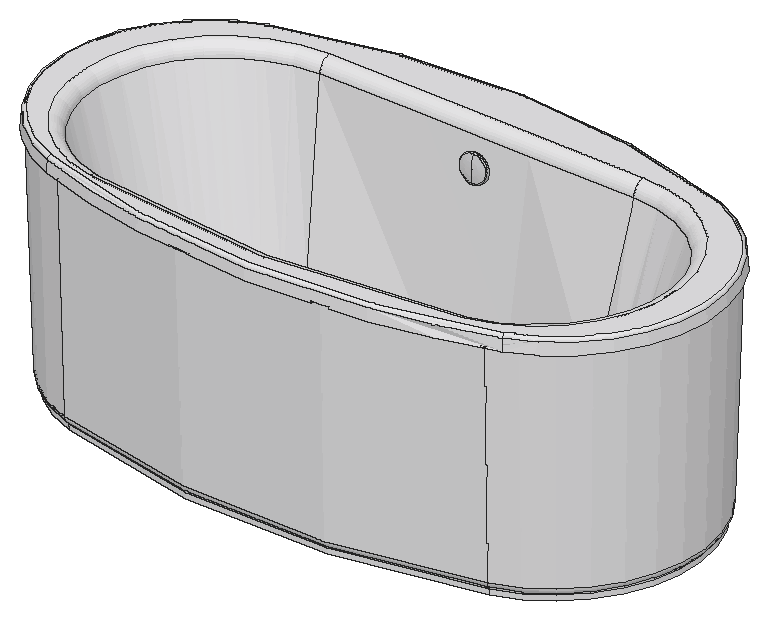
Revit family "Bath-Freestanding-VibrAcoustic-Heated_Surface-KOHLER-Sunstruck-K-1966", category Plumbing Fixtures, host Face, Revit 2015
Parameters (values of type "0-White")
  Width = 35 1/2"  # constant formula
  Waste Water Outlet = "Waste Water Outlet"  # constant formula
  Waste Connection = 1 = 1  # yes
  Voltage = 120 V  # constant formula
  Vent Connection = 1 = 0  # no
  URL = "https://www.us.kohler.com/us/"
  Type = 1
  Pump Electrical Connector = "Pump Electrical Connector"  # constant formula
  Product Page URL = "http://www.us.kohler.com/us/catalog/productDetails.jsp?productNumber=1966-VBW"
  Product Name = "Sunstruck"  # constant formula
  Product Documentation Link = "http://www.us.kohler.com/onlinecatalog/pdf/K-1966-VBW_spec.pdf"
  Model = if(Type = 1, "K-1966-VBW-0", if(Type = 2, "K-1966-VBW-96", "NA"))  # "K-1966-VBW-0"
  Material = "Acrylic"  # constant formula
  MasterFormat 2004 = "22.41.19"  # constant formula
  MasterFormat 1995 = "15410"  # constant formula
  Manufacturer Address = "444 Highland Dr, Kohler, WI 53044"  # constant formula
  Manufacturer = "KOHLER Co."  # constant formula
  Length = 65 1/2"  # constant formula
  Hot Water Inlet = "Hot Water Inlet"  # constant formula
  Height = 24 1/2"  # constant formula
  Heater Electrical Connector = "Heater Electrical Connector"  # constant formula
  HW Connection = 1 = 0  # no
  Finish = Kohler-Acrylic-0-White
  Environmental Product Declaration = ""
  Electrical Note = "One dedicated circuit required, protected with Class A Ground-Fault Circuit-Interrupter (GFCI) or Residual Current Device (RCD)"  # constant formula
  Electrical Connector = 1 = 1  # yes
  Drain Included = 1 = 0  # no
  Description = "66inch x 36inch oval freestanding VibrAcoustic bath with Bask heated surface and straight shroud"  # constant formula
  Default Elevation = 0"
  Declare Label = ""
  Date Modified = "11/15/2018"  # constant formula
  Date Created = "11/15/2018"  # constant formula
  Copyright = "Copyright KOHLER Co."  # constant formula
  Contact Us = "https://www.us.kohler.com/us/static/contact.jsp"
  Cold Water Inlet = "Cold Water Inlet"  # constant formula
  CW Connection = 1 = 0  # no
  Blower Electrical Connector = "Blower Electrical Connector"  # constant formula
  Assembly Code = "D2010500"
  Apparent Load = 1800 VA  # constant formula
  Amplifier Electrical Connector = "Amplifier Electrical Connector"  # constant formula
  ADA Compliant = 1 = 0  # no
Types (3): name | Type | Model | Finish
  (no name) | 1 | "K-1966-VBW-0" | Kohler-Acrylic-0-White
  0-White | 1 | "K-1966-VBW-0" | Kohler-Acrylic-0-White
  96-Biscuit | 2 | "K-1966-VBW-96" | Kohler-Acrylic-96-Biscuit
Reference planes (in)
  plane 1 "Center (Front/Back)": y = 0
  plane 2: z = 0
  plane 3 "Center (Left/Right)": x = 0
  plane 4: y = 17.75
  plane 5: y = -17.75
  plane 6: x = -32.75
  plane 7: x = 32.75
  plane 8: y = 11.6875
  plane 9: y = -1.6875
  plane 10: z = 24.5
Dimensions and locks (in)
  "Length": plane 6 to plane 7
  "Width": plane 5 to plane 4
  plane 8 to plane 4 = 6 1/16"
  plane 9 to plane 4 = 19 7/16"
  "Height": plane 10 to plane 2
  aligned and locked: plane 2 to host face
  aligned and locked: level to host face
Automatic sketch dimensions
  host sketch curve to host sketch curve = 96"  (x2)
Nested families (in)
  nested 1: "K-1966-VBW" at (0, 0, 0), type "K-1966-VBW"
Connectors (in)
  piping at (0, -1.6875, 2.16901), diameter 1.5, driven by "Waste Connection", driven by "Waste Water Outlet"
    settings: on nested 1, index 1, connector inside diameter 24", connector length 0", flow factor 0, pipe flow 0 GPM, pressure drop 0.00 psi, fitting loss kfactor 0, connector angle 0.00°, fixture units 0, engagement length 0", angle of deflection 0.00°, flow configuration 0, flow direction 2, fitting loss method 0, system type 16, joint type 0, gender type 0, connector reference index -1, connector utility 1, adjustable connector no, is connector primary yes, connector description "Waste Water Outlet"
  electrical at (-6.48092, 15.841, 3.14819), driven by "Voltage", driven by "Apparent Load", driven by "Electrical Connector", driven by "Amplifier Electrical Connector"
    settings: on nested 1, index 2, voltage 120 V, apparent load 1800 VA, apparent load phase1 0 VA, apparent load phase2 0 VA, apparent load phase3 0 VA, power factor 1, load classification "Power", number of poles 1, system type 30, power factor state 1, is connector primary yes, connector utility yes, sub classification motor no, connector description "Amplifier Electrical Connector"
Definition of nested family "K-1966-VBW"
  Parameters (values of type "K-1966-VB")
    Material = none
    Drain material = none
  Reference planes (in)
    plane 1 "Center (Front/Back)": y = 0
    plane 2: z = 0
    plane 3 "Center (Left/Right)": x = 0
    plane 4: x = 32.75
    plane 5: z = 24.5
    plane 6: z = 24.5
    plane 7 "A": x = -6.48092
    plane 8: z = 24.5
    plane 9: x = -32.75
    plane 10: y = 17.75
    plane 11: y = -17.75
    plane 12: y = 11.6875
    plane 13: y = -1.6875
  Forms (in)
    Sweep 1, solid, material <- "Material", detail levels medium+fine
      path origin (0, -0.04277, 0) x (1, 0, 0) y (0, 1, 0)
        loop
          arc (21.72661, -14.69696) -> (32.60257, 0.04277) -> (21.72661, 14.78251) r 15.42605
          arc (21.72661, 14.78251) -> (-0.02801, 18.06389) -> (-21.78263, 14.78251) r 73.75415
          arc (-21.78263, 14.78251) -> (-32.6586, 0.04277) -> (-21.78263, -14.69696) r 15.42605
          arc (-21.78263, -14.69696) -> (-0.02801, -17.97834) -> (21.72661, -14.69696) r 73.75415
      profile origin (-0.02801, -18.02111, 0) x (0, -1, 0) y (0, 0, 1)
        loop
          line (-0.4345, 23.13802) -> (-1.20737, 23.13802) -> (-1.59517, 17.59228)
          arc (-1.59517, 17.59228) -> (-1.91029, 11.57945) -> (-2.01537, 5.55929) r 172.5
          line (-2.01537, 5.55929) -> (-2.01537, 0) -> (-1.54796, 0) -> (-1.52866, 0.55268)
          arc (-1.52866, 0.55268) -> (-1.50012, 0.65852) -> (-1.4278, 0.74089) r 0.24194
          arc (-1.4278, 0.74089) -> (-1.20847, 0.99117) -> (-1.12264, 1.31269) r 0.73186
          line (-1.12264, 1.31269) -> (-0.4345, 23.13802)
    Sweep 2, solid, material <- "Material", detail levels medium+fine
      path origin (0, -0.31152, 0) x (1, 0, 0) y (0, 1, 0)
        loop
          arc (-23.11404, -13.59407) -> (0, -17.43849) -> (23.11404, -13.59407) r 71.40724
          arc (23.11404, -13.59407) -> (32.75, 0.31152) -> (23.11404, 14.21712) r 14.85153
          arc (23.11404, 14.21712) -> (0, 18.06154) -> (-23.11404, 14.21712) r 71.40724
          arc (-23.11404, 14.21712) -> (-32.75, 0.31152) -> (-23.11404, -13.59407) r 14.85153
      profile origin (0, -17.75002, 0) x (0, 1, 0) y (0, 0, 1)
        loop
          line (0.00002, 23.01054) -> (0.11383, 23.01054) -> (0.2108, 24.11893)
          arc (0.2108, 24.11893) -> (0.29095, 24.28146) -> (0.45985, 24.34714) r 0.25
          line (0.45985, 24.34714) -> (0.61532, 24.34714) -> (0.61532, 24.5) -> (0.45098, 24.5)
          arc (0.45098, 24.5) -> (0.21457, 24.40807) -> (0.10238, 24.18057) r 0.34993
          line (0.10238, 24.18057) -> (0.00002, 23.01054)
    Sweep 3, solid, material <- "Material", detail levels medium+fine
      path origin (-0.65125, 0.37045, 0) x (1, 0, 0) y (0, 1, 0)
        loop
          arc (-13.80583, -12.20259) -> (0.30466, -13.64071) -> (14.40809, -12.13485) r 68.33389
          arc (14.40809, -12.13485) -> (22.61849, -2.05633) -> (14.545, 8.13219) r 10.37734
          arc (14.545, 8.13219) -> (0.24308, 9.71884) -> (-14.04948, 8.05002) r 63.60432
          arc (-14.04948, 8.05002) -> (-22.05987, -2.17412) -> (-13.80583, -12.20259) r 10.37154
      profile origin (-0.34659, -13.27026, 0) x (-0.002401, 0.999997, 0) y (0, 0, 1)
        loop
          line (-0.24, 6.51001) -> (-0.57074, 6.51001)
          arc (-0.57074, 6.51001) -> (0.5314, 4.46811) -> (2.71442, 3.68166) r 3.25
          line (2.71442, 3.68166) -> (3.01867, 3.68166) -> (3.01867, 4.03096) -> (2.71442, 4.03096)
          arc (2.71442, 4.03096) -> (0.78606, 4.73282) -> (-0.24, 6.51001) r 3
    Revolve 4, solid, material <- "Drain material", detail levels medium+fine
      sketch origin (0, -1.53027, -0.00106) x (0, 1, 0) y (0, 0, 1)
        loop
          line (13.43649, 20.42625) -> (12.55971, 20.48756)
          arc (12.55971, 20.48756) -> (12.54804, 19.82068) -> (12.6107, 19.15665) r 5.98011
          arc (12.6107, 19.15665) -> (12.6367, 19.1057) -> (12.68808, 19.08057) r 0.09037
          line (12.68808, 19.08057) -> (13.2483, 19.00565) -> (13.25711, 19.11625)
          arc (13.25711, 19.11625) -> (13.26951, 19.14061) -> (13.2958, 19.14811) r 0.03422
          line (13.2958, 19.14811) -> (13.34664, 19.14131) -> (13.43649, 20.42625)
        axis (12.55971, 20.48756) -> (13.43649, 20.42625)
      angle from 0 to 360
    Revolve 5, solid, material <- "Material", detail levels medium+fine
      sketch origin (0, 0, 0.0625) x (0, 1, 0) y (0, 0, 1)
        loop
          line (-1.6875, 3.61916) -> (-1.6875, 2.10651) -> (-0.9375, 2.10651) -> (-0.9375, 1.93586) -> (-0.74206, 1.93586) -> (-0.74206, 3.18586) -> (-0.38189, 3.18586)
          arc (-0.38189, 3.18586) -> (-0.21323, 3.2194) -> (-0.07025, 3.31494) r 0.44072
          line (-0.07025, 3.31494) -> (0.15621, 3.5414)
          arc (0.15621, 3.5414) -> (0.24033, 3.59812) -> (0.33958, 3.61916) r 0.2656
          line (0.33958, 3.61916) -> (-1.6875, 3.61916)
        axis (-1.6875, 3.61916) -> (-1.6875, 1.93586)
      angle from 0 to 360
    Sweep 6, solid, material <- "Material", detail levels medium+fine
      path origin (0, 0, 0) x (1, 0, 0) y (0, 1, 0)
        loop
          arc (-15.91994, 11.6875) -> (-28.29768, 0.47984) -> (-18.37017, -12.94642) r 12.43882
          arc (-18.37017, -12.94642) -> (0.12996, -14.68833) -> (18.58936, -12.55759) r 89.15619
          arc (18.58936, -12.55759) -> (28.11574, 0.76078) -> (15.91994, 11.6875) r 12.2695
          line (15.91994, 11.6875) -> (-15.91994, 11.6875)
      profile origin (0, 11.6875, 0) x (0, 1, 0) y (0, 0, 1)
        loop
          line (0.003, 23.24357) -> (0.33352, 23.24357)
          arc (0.33352, 23.24357) -> (0.68246, 24.02627) -> (1.47708, 24.34717) r 1.14428
          line (1.47708, 24.34717) -> (1.56336, 24.34717) -> (1.56336, 24.5) -> (1.27278, 24.5)
          arc (1.27278, 24.5) -> (0.37961, 24.1328) -> (0.003, 23.24357) r 1.26985
    Revolve 7, solid, material <- "Drain material", detail levels medium+fine
      sketch origin (0, 0, 0) x (0, 1, 0) y (0, 0, 1)
        loop
          line (-1.6875, 4.26235) -> (-1.6875, 3.6439) -> (-0.32353, 3.6439) -> (0.12658, 4.04918)
          arc (0.12658, 4.04918) -> (0.13712, 4.09307) -> (0.09992, 4.11864) r 0.03984
          line (0.09992, 4.11864) -> (-0.12079, 4.11864)
          arc (-0.12079, 4.11864) -> (-0.18453, 4.10596) -> (-0.23856, 4.06985) r 0.16655
          line (-0.23856, 4.06985) -> (-0.33993, 3.96848)
          arc (-0.33993, 3.96848) -> (-0.39533, 3.93146) -> (-0.46069, 3.91846) r 0.17077
          line (-0.46069, 3.91846) -> (-1.13844, 3.91846) -> (-1.13844, 4.0675) -> (-0.34006, 4.0675)
          arc (-0.34006, 4.0675) -> (-0.31733, 4.07691) -> (-0.30792, 4.09963) r 0.03214
          line (-0.30792, 4.09963) -> (-0.30792, 4.14469)
          arc (-0.30792, 4.14469) -> (-0.31537, 4.16436) -> (-0.33397, 4.17416) r 0.02969
          arc (-0.33397, 4.17416) -> (-1.00946, 4.23785) -> (-1.6875, 4.26235) r 11.72048
        axis (-1.6875, 4.26235) -> (-1.6875, 3.6439)
      angle from 0 to 360
    Extrusion 8, solid, material <- "Material", detail levels medium+fine
      sketch origin (0, 0, 0) x (1, 0, 0) y (0, 1, 0)
        loop
          arc (-22.9063, 13.32634) -> (-32.13468, 0) -> (-22.9063, -13.32634) r 14.23621
          arc (-22.9063, -13.32634) -> (0, -17.1347) -> (22.9063, -13.32634) r 70.79193
          arc (22.9063, -13.32634) -> (32.13468, 0) -> (22.9063, 13.32634) r 14.23621
          arc (22.9063, 13.32634) -> (0, 17.1347) -> (-22.9063, 13.32634) r 70.79193
        loop
          line (15.91994, 13.25086) -> (-15.91994, 13.25086)
          arc (-15.91994, 13.25086) -> (-29.85336, 0.63458) -> (-18.67813, -14.47915) r 14.00218
          arc (-18.67813, -14.47915) -> (0.14641, -16.2516) -> (18.9295, -14.0835) r 90.71954
          arc (18.9295, -14.0835) -> (29.66971, 0.93187) -> (15.91994, 13.25086) r 13.83286
      from 24.34714 to 24.5
    Blend 9, solid, material <- "Material", detail levels medium+fine
      base sketch origin (0, 0, 0) x (1, 0, 0) y (0, 1, 0)
        loop
          arc (-14.57357, -12.39087) -> (-0.34522, -13.841) -> (13.876, -12.32256) r 68.90463
          arc (13.876, -12.32256) -> (22.53797, -1.68973) -> (14.02044, 9.05914) r 10.94807
          arc (14.02044, 9.05914) -> (-0.40981, 10.66002) -> (-14.83062, 8.97623) r 64.17506
          arc (-14.83062, 8.97623) -> (-23.28182, -1.81054) -> (-14.57357, -12.39087) r 10.94228
      top sketch origin (0, 0, 0) x (1, 0, 0) y (0, 1, 0)
        loop
          arc (18.66192, -12.88312) -> (28.44726, 0.79728) -> (15.91994, 12.02102) r 12.60302
          line (15.91994, 12.02102) -> (-15.91994, 12.02102)
          arc (-15.91994, 12.02102) -> (-28.62956, 0.51285) -> (-18.43587, -13.27341) r 12.77234
          arc (-18.43587, -13.27341) -> (0.13347, -15.02183) -> (18.66192, -12.88312) r 89.48971
      from 6.51001 to 23.24357
    Blend 10, void
      base sketch origin (0, 0, 0) x (1, 0, 0) y (0, 1, 0)
        loop
          arc (13.80695, -11.99911) -> (22.20724, -1.6875) -> (13.94702, 8.73666) r 10.61734
          arc (13.94702, 8.73666) -> (-0.40886, 10.32929) -> (-14.75535, 8.65417) r 63.84432
          arc (-14.75535, 8.65417) -> (-22.9511, -1.80656) -> (-14.50607, -12.06709) r 10.61154
          arc (-14.50607, -12.06709) -> (-0.34601, -13.51026) -> (13.80695, -11.99911) r 68.5739
      top sketch origin (0, 0, 0) x (1, 0, 0) y (0, 1, 0)
        loop
          arc (-15.91994, 11.6905) -> (-28.30066, 0.48014) -> (-18.37077, -12.94936) r 12.44182
          arc (-18.37077, -12.94936) -> (0.13, -14.69133) -> (18.59001, -12.56052) r 89.15918
          arc (18.59001, -12.56052) -> (28.11872, 0.7611) -> (15.91994, 11.6905) r 12.2725
          line (15.91994, 11.6905) -> (-15.91994, 11.6905)
      from 6.51001 to 23.24357
    Extrusion 11, solid, material <- "Material", detail levels medium+fine
      sketch origin (0, 0, 0) x (1, 0, 0) y (0, 1, 0)
        loop
          arc (-14.01373, 5.48102) -> (-19.69267, -1.76736) -> (-13.841, -8.87701) r 7.35287
          arc (-13.841, -8.87701) -> (-0.35384, -10.2516) -> (13.12657, -8.81227) r 65.31523
          arc (13.12657, -8.81227) -> (18.94865, -1.66549) -> (13.22365, 5.55929) r 7.35867
          arc (13.22365, 5.55929) -> (-0.3995, 7.07063) -> (-14.01373, 5.48102) r 60.58565
      from 3.68166 to 4.03096
    Revolve 12, void
      sketch origin (0, 0, 0) x (0, 1, 0) y (0, 0, 1)
        loop
          line (-1.6875, 3.59695) -> (-0.38073, 3.59695)
          arc (-0.38073, 3.59695) -> (-0.30882, 3.61126) -> (-0.24785, 3.65199) r 0.18792
          line (-0.24785, 3.65199) -> (-0.0398, 3.86005)
          arc (-0.0398, 3.86005) -> (0.14951, 3.98654) -> (0.37281, 4.03096) r 0.58351
          line (0.37281, 4.03096) -> (-1.6875, 4.03096) -> (-1.6875, 3.59695)
        axis (-1.6875, 3.59695) -> (-1.6875, 4.03096)
      angle from 0 to 360
    Extrusion 13, solid, material <- "Material", detail levels medium+fine
      sketch origin (0, 0, 0) x (1, 0, 0) y (0, 1, 0)
        loop
          arc (21.13215, -12.81403) -> (30.5872, 0) -> (21.13215, 12.81403) r 13.41068
          arc (21.13215, 12.81403) -> (-0.02801, 16.00574) -> (-21.18818, 12.81403) r 71.73878
          arc (-21.18818, 12.81403) -> (-30.64323, 0) -> (-21.18818, -12.81403) r 13.41068
          arc (-21.18818, -12.81403) -> (-0.02801, -16.00574) -> (21.13215, -12.81403) r 71.73878
        loop
          line (1.90491, -4.0135) -> (1.90491, 8.1815) -> (3.58491, 9.8615) -> (8.15491, 9.8615)
          arc (8.15491, 9.8615) -> (10.02991, 11.7365) -> (8.15491, 13.6115) r 1.875
          line (8.15491, 13.6115) -> (1.90491, 13.6115) -> (1.90491, 13.89278)
          arc (1.90491, 13.89278) -> (0, 15.7977) -> (-1.90491, 13.89278) r 1.90491
          line (-1.90491, 13.89278) -> (-1.90491, 13.6115) -> (-8.15491, 13.6115)
          arc (-8.15491, 13.6115) -> (-10.02991, 11.7365) -> (-8.15491, 9.8615) r 1.875
          line (-8.15491, 9.8615) -> (-3.58491, 9.8615) -> (-1.90491, 8.1815) -> (-1.90491, -4.0135)
          arc (-1.90491, -4.0135) -> (0, -5.91841) -> (1.90491, -4.0135) r 1.90491
      from 0 to 0.2482
    Extrusion 14, solid, material <- "Material", detail levels medium+fine
      sketch origin (0, 0, 0) x (1, 0, 0) y (0, 0, 1)
        loop
          circle (-6.48092, 3.14819) r 0.25
      from -15.841 to -15.62255
    Extrusion 15, solid, material <- "Material", detail levels coarse
      sketch origin (0, 0, 0) x (1, 0, 0) y (0, 1, 0)
        loop
          arc (23.11404, 13.9056) -> (0, 17.75002) -> (-23.11404, 13.9056) r 71.40724
          arc (-23.11404, 13.9056) -> (-32.75, 0) -> (-23.11404, -13.9056) r 14.85153
          arc (-23.11404, -13.9056) -> (0, -17.75002) -> (23.11404, -13.9056) r 71.40724
          arc (23.11404, -13.9056) -> (32.75, 0) -> (23.11404, 13.9056) r 14.85153
      from 0 to 24.5
    Blend 16, void
      base sketch origin (0, 0, 0) x (1, 0, 0) y (0, 1, 0)
        loop
          arc (-14.50607, -12.06709) -> (-0.34601, -13.51026) -> (13.80695, -11.99911) r 68.5739
          arc (13.80695, -11.99911) -> (22.20724, -1.6875) -> (13.94702, 8.73666) r 10.61734
          arc (13.94702, 8.73666) -> (-0.40886, 10.32929) -> (-14.75535, 8.65417) r 63.84432
          arc (-14.75535, 8.65417) -> (-22.9511, -1.80656) -> (-14.50607, -12.06709) r 10.61154
      top sketch origin (0, 0, 0) x (1, 0, 0) y (0, 1, 0)
        loop
          arc (-18.37077, -12.94936) -> (0.13, -14.69133) -> (18.59001, -12.56052) r 89.15918
          arc (18.59001, -12.56052) -> (28.11872, 0.7611) -> (15.91994, 11.6905) r 12.2725
          line (15.91994, 11.6905) -> (-15.91994, 11.6905)
          arc (-15.91994, 11.6905) -> (-28.30066, 0.48014) -> (-18.37077, -12.94936) r 12.44182
      from 3.6439 to 24.5
  Cuts and joins
    joined: Revolve 4, Revolve 7
    Revolve 12 cuts Revolve 5
    Blend 10 cuts Blend 9
    Revolve 12 cuts Extrusion 11
    joined: Sweep 2, Sweep 3, Revolve 5, Sweep 6, Extrusion 8, Blend 9, Extrusion 11
    joined: Sweep 1, Extrusion 13
    Blend 16 cuts Extrusion 15
  Lines and regions (in)
    Masking region 1
      outline origin (0, 0, 0) x (1, 0, 0) y (0, 0, 1)
        loop
          arc (-32.29809, 24.5) -> (-32.53519, 24.4078) -> (-32.6477, 24.17964) r 0.35095
          line (-32.6477, 24.17964) -> (-32.74998, 23.01054) -> (-32.22183, 23.01054) -> (-31.53726, 1.30407)
          arc (-31.53726, 1.30407) -> (-31.45277, 0.98943) -> (-31.23698, 0.74535) r 0.71207
          arc (-31.23698, 0.74535) -> (-31.16142, 0.66002) -> (-31.13159, 0.55003) r 0.25
          line (-31.13159, 0.55003) -> (-31.11238, 0) -> (31.11238, 0) -> (31.13159, 0.55003)
          arc (31.13159, 0.55003) -> (31.16142, 0.66002) -> (31.23698, 0.74535) r 0.25
          arc (31.23698, 0.74535) -> (31.45277, 0.98943) -> (31.53726, 1.30407) r 0.71207
          line (31.53726, 1.30407) -> (32.22183, 23.01054) -> (32.74998, 23.01054) -> (32.6477, 24.17964)
          arc (32.6477, 24.17964) -> (32.53519, 24.4078) -> (32.29809, 24.5) r 0.35095
          line (32.29809, 24.5) -> (-32.29809, 24.5)
    Masking region 2
      outline origin (0, -0.32863, 0) x (0, 1, 0) y (0, 0, 1)
        loop
          line (17.62673, 24.5) -> (-16.96948, 24.5)
          arc (-16.96948, 24.5) -> (-17.20658, 24.4078) -> (-17.31909, 24.17964) r 0.35095
          line (-17.31909, 24.17964) -> (-17.42137, 23.01054) -> (-17.2526, 23.01054) -> (-16.56802, 1.30407)
          arc (-16.56802, 1.30407) -> (-16.48353, 0.98943) -> (-16.26775, 0.74535) r 0.71207
          arc (-16.26775, 0.74535) -> (-16.19219, 0.66002) -> (-16.16235, 0.55003) r 0.25
          line (-16.16235, 0.55003) -> (-16.14314, 0) -> (16.80039, 0) -> (16.8196, 0.55003)
          arc (16.8196, 0.55003) -> (16.84944, 0.66002) -> (16.925, 0.74535) r 0.25
          arc (16.925, 0.74535) -> (17.14078, 0.98943) -> (17.22527, 1.30407) r 0.71207
          line (17.22527, 1.30407) -> (17.90985, 23.01054) -> (18.07863, 23.01054) -> (17.97634, 24.17964)
          arc (17.97634, 24.17964) -> (17.86383, 24.4078) -> (17.62673, 24.5) r 0.35095
    Masking region 3
      outline origin (0, 0, 0) x (1, 0, 0) y (0, 1, 0)
        loop
          arc (-23.11404, -13.9056) -> (0, -17.75002) -> (23.11404, -13.9056) r 71.40724
          arc (23.11404, -13.9056) -> (32.75, 0) -> (23.11404, 13.9056) r 14.85153
          arc (23.11404, 13.9056) -> (0, 17.75002) -> (-23.11404, 13.9056) r 71.40724
          arc (-23.11404, 13.9056) -> (-32.75, 0) -> (-23.11404, -13.9056) r 14.85153
    symbolic lines, detail levels medium+fine
      curve 1: line (-32.22183, 0, 23.01054) -> (32.22183, 0, 23.01054)
      curve 2: line (-31.13159, 0, 0.55003) -> (31.13159, 0, 0.55003)
      curve 3: line (0, 17.58122, 23.01054) -> (0, -17.58122, 23.01054)
      curve 4: line (0, 16.49098, 0.55003) -> (0, -16.49098, 0.55003)
      curve 5: arc (-18.37077, -12.94936, 0) -> (-28.30066, 0.48014, 0) -> (-15.91994, 11.6905, 0) r 12.44182
      curve 6: arc (18.59001, -12.56052, 0) -> (0.13, -14.69133, 0) -> (-18.37077, -12.94936, 0) r 89.15918
      curve 7: arc (15.91994, 11.6905, 0) -> (28.11872, 0.7611, 0) -> (18.59001, -12.56052, 0) r 12.2725
      curve 8: line (-15.91994, 11.6905, 0) -> (15.91994, 11.6905, 0)
      curve 9: arc (-14.75535, 8.65417, 0) -> (-0.40886, 10.32929, 0) -> (13.94702, 8.73666, 0) r 63.84432
      curve 10: arc (-14.50607, -12.06709, 0) -> (-22.9511, -1.80656, 0) -> (-14.75535, 8.65417, 0) r 10.61154
      curve 11: arc (13.80695, -11.99911, 0) -> (-0.34601, -13.51026, 0) -> (-14.50607, -12.06709, 0) r 68.5739
      curve 12: arc (13.94702, 8.73666, 0) -> (22.20724, -1.6875, 0) -> (13.80695, -11.99911, 0) r 10.61734
      curve 13: circle (0, -1.6875, 0) r 2.02708 normal (0, 0, -1)
      curve 14: circle (0, -1.6875, 0) r 1.36397 normal (0, 0, -1)
      curve 15: spline (1.41532, 11.58219, 0) -> (1.32696, 11.60503, 0) -> (1.164, 11.62577, 0) -> (0.93559, 11.64326, 0) -> (0.65457, 11.6565, 0) -> (0.33675, 11.66476, 0) -> (0, 11.66757, 0) -> (-0.33675, 11.66476, 0) -> (-0.65457, 11.6565, 0) -> (-0.93559, 11.64326, 0) -> (-1.164, 11.62577, 0) -> (-1.32696, 11.60503, 0) -> (-1.41532, 11.58219, 0)
      curve 16: line (-1.41532, 11.58219, 0) -> (-1.3947, 11.25732, 0)
      curve 17: arc (-1.30786, 11.15618, 0) -> (0, 11.01489, 0) -> (1.30786, 11.15618, 0) r 6.12378
      curve 18: arc (-1.3947, 11.25732, 0) -> (-1.36821, 11.19222, 0) -> (-1.30786, 11.15618, 0) r 0.11071
      curve 19: line (1.41532, 11.58219, 0) -> (1.3947, 11.25732, 0)
      curve 20: arc (1.3947, 11.25732, 0) -> (1.36821, 11.19222, 0) -> (1.30786, 11.15618, 0) r 0.11071
  Dimensions and locks (in)
    plane 5 to level = 24 1/2"
    plane 6 to level = 24 1/2"
    plane 8 to level = 24 1/2"
    equal spacing: plane 9, plane 3 "Center (Left/Right)", plane 4
    locked: plane 9 to plane 4 at 65.5
    locked: plane 11 to plane 10 at 35.5
    equal spacing: plane 10, plane 1 "Center (Front/Back)", plane 11
    locked: plane 10 to plane 12 at 6.0625
    locked: plane 10 to plane 13 at 19.4375
    aligned and locked: plane 2 to level
  Automatic sketch dimensions
    plane 1 "Center (Front/Back)" to Sweep 3 sketch curve = 1.67891"
    plane 7 "A" to Sweep 3 sketch curve = 5.85941"
    Sweep 3 sketch curve to plane 3 "Center (Left/Right)" = 0.51065"
    Sweep 3 sketch curve to plane 3 "Center (Left/Right)" = 0.22538"
    plane 1 "Center (Front/Back)" to Sweep 3 sketch curve = 1.61578"
    plane 3 "Center (Left/Right)" to Sweep 3 sketch curve = 11.59015"
    Sweep 3 sketch curve to Sweep 3 sketch curve = 0"  (x4)
    profile plane to Sweep 3 sketch curve = 0.57074"
    profile plane to Sweep 3 sketch curve = 0.24"
    Sweep 3 sketch curve to profile plane = 2.65187"
    Sweep 3 sketch curve to Sweep 3 sketch curve = 0.06255"
    Sweep 3 sketch curve to Sweep 3 sketch curve = 0.30425"
    level to Sweep 3 sketch curve = 3.68166"
    Sweep 3 sketch curve to Sweep 3 sketch curve = 0.3493"
    Sweep 3 sketch curve to Sweep 3 sketch curve = 2.47906"
    Revolve 4 sketch curve to Revolve 4 sketch curve = 0.01198"
    Revolve 4 sketch curve to Revolve 4 sketch curve = 0.00881"
    Revolve 4 sketch curve to Revolve 4 sketch curve = 0.03416"
    Revolve 4 sketch curve to Revolve 4 sketch curve = 0.00454"
    Revolve 4 sketch curve to Revolve 4 sketch curve = 0.05083"
    Revolve 4 sketch curve to plane 8 = 5.49541"
    Revolve 4 sketch curve to Revolve 4 sketch curve = 0.07492"
    Revolve 4 sketch curve to Revolve 4 sketch curve = 0.10854"
    Revolve 4 sketch curve to Revolve 4 sketch curve = 0.00206"
    Revolve 4 sketch curve to Revolve 4 sketch curve = 0.0068"
    Revolve 4 sketch curve to Revolve 4 sketch curve = 0.08957"
    Revolve 4 sketch curve to plane 8 = 4.45147"
    Revolve 4 sketch curve to Revolve 4 sketch curve = 1.27814"
    Revolve 4 sketch curve to Revolve 4 sketch curve = 0.00318"
    Revolve 4 sketch curve to Revolve 4 sketch curve = 0.00867"
    Revolve 4 sketch curve to Revolve 4 sketch curve = 0.00022"
    plane 1 "Center (Front/Back)" to Revolve 5 sketch curve = 1 11/16"  (x2)
    plane 1 "Center (Front/Back)" to Revolve 5 sketch curve = 15/16"
    plane 1 "Center (Front/Back)" to Revolve 5 sketch curve = 0.74206"
    Revolve 5 sketch curve to Revolve 5 sketch curve = 0.36016"
    Revolve 5 sketch curve to Revolve 5 sketch curve = 0.31164"
    Revolve 5 sketch curve to Revolve 5 sketch curve = 0.22646"
    Revolve 5 sketch curve to Revolve 5 sketch curve = 0.18338"
    Revolve 5 sketch curve to Revolve 5 sketch curve = 0.18781"  (x2)
    level to Revolve 5 sketch curve = 1.99836"
    Revolve 5 sketch curve to Revolve 5 sketch curve = 0.17066"
    Revolve 5 sketch curve to Revolve 5 sketch curve = 1.07934"
    Revolve 5 sketch curve to Revolve 5 sketch curve = 0.12909"
    Revolve 5 sketch curve to Revolve 5 sketch curve = 0.03866"
    Revolve 5 sketch curve to Revolve 5 sketch curve = 0.3304"
    Revolve 5 sketch curve to Revolve 5 sketch curve = 0.4196"
    plane 7 "A" to Sweep 6 sketch curve = 9.43902"
    Sweep 6 sketch curve to plane 3 "Center (Left/Right)" = 0.80795"
    plane 3 "Center (Left/Right)" to Sweep 6 sketch curve = 15.91994"
    plane 1 "Center (Front/Back)" to Sweep 6 sketch curve = 0.582"
    plane 1 "Center (Front/Back)" to Sweep 6 sketch curve = 0.75132"
    Sweep 6 sketch curve to Sweep 6 sketch curve = 0"
    Sweep 6 sketch curve to profile plane = 0.003"
    Sweep 6 sketch curve to Sweep 6 sketch curve = 0.33052"
    Sweep 6 sketch curve to profile plane = 1.27278"
    Sweep 6 sketch curve to Sweep 6 sketch curve = 0.2043"
    Sweep 6 sketch curve to Sweep 6 sketch curve = 0.08628"
    level to Sweep 6 sketch curve = 23.20288"
    Sweep 6 sketch curve to Sweep 6 sketch curve = 0.02726"
    Sweep 6 sketch curve to Sweep 6 sketch curve = 0.01342"
    plane 1 "Center (Front/Back)" to Revolve 7 sketch curve = 1.77148"
    plane 1 "Center (Front/Back)" to Revolve 7 sketch curve = 1 11/16"
    plane 1 "Center (Front/Back)" to Revolve 7 sketch curve = 1.13844"
    Revolve 7 sketch curve to Revolve 7 sketch curve = 0.67776"
    Revolve 7 sketch curve to Revolve 7 sketch curve = 0.12063"
    Revolve 7 sketch curve to Revolve 7 sketch curve = 0.00013"
    Revolve 7 sketch curve to Revolve 7 sketch curve = 0.00244"
    Revolve 7 sketch curve to Revolve 7 sketch curve = 0.13715"
    Revolve 7 sketch curve to Revolve 7 sketch curve = 0.03214"
    Revolve 7 sketch curve to Revolve 7 sketch curve = 0.06936"
    Revolve 7 sketch curve to Revolve 7 sketch curve = 0.11777"
    Revolve 7 sketch curve to Revolve 7 sketch curve = 0.22071"
    Revolve 7 sketch curve to Revolve 7 sketch curve = 0.02666"
    Revolve 7 sketch curve to level = 7.45782"
    level to Revolve 7 sketch curve = 3.6439"
    Revolve 7 sketch curve to Revolve 7 sketch curve = 0.27457"
    Revolve 7 sketch curve to Revolve 7 sketch curve = 0.03362"
    Revolve 7 sketch curve to Revolve 7 sketch curve = 0.05002"
    Revolve 7 sketch curve to Revolve 7 sketch curve = 0.0971"
    Revolve 7 sketch curve to Revolve 7 sketch curve = 0.14903"
    Revolve 7 sketch curve to Revolve 7 sketch curve = 0.02978"
    Revolve 7 sketch curve to Revolve 7 sketch curve = 0.04506"
    Revolve 7 sketch curve to Revolve 7 sketch curve = 0.19485"
    Revolve 7 sketch curve to Revolve 7 sketch curve = 0"  (x2)
    Revolve 7 sketch curve to Revolve 7 sketch curve = 0.23445"
    plane 1 "Center (Front/Back)" to Revolve 12 sketch curve = 1 11/16"
    plane 1 "Center (Front/Back)" to Revolve 12 sketch curve = 0.38073"
    Revolve 12 sketch curve to Revolve 12 sketch curve = 0.13288"
    Revolve 12 sketch curve to Revolve 12 sketch curve = 0.20806"  (x2)
    Revolve 12 sketch curve to Revolve 12 sketch curve = 0.4126"
    level to Revolve 12 sketch curve = 3.44745"
    Revolve 12 sketch curve to Revolve 12 sketch curve = 0.14951"
    Revolve 12 sketch curve to Revolve 12 sketch curve = 0.05504"
    Revolve 12 sketch curve to Revolve 12 sketch curve = 0.434"
    Revolve 12 sketch curve to Revolve 12 sketch curve = 0"  (x3)
    Revolve 12 sketch curve to Revolve 12 sketch curve = 0.3486"
    plane 7 "A" to Sweep 3 sketch curve = 7.97616"
    Sweep 3 sketch curve to plane 1 "Center (Front/Back)" = 55.06344"
    Revolve 4 sketch curve to Revolve 4 sketch curve = 4.96331"
    Revolve 4 sketch curve to plane 10 = 6.72056"
    Revolve 4 sketch curve to Revolve 4 sketch curve = 0.12519"
    Revolve 4 sketch curve to Revolve 4 sketch curve = 0.56022"
    Revolve 4 sketch curve to Revolve 4 sketch curve = 0.8736"
    Revolve 4 sketch curve to plane 10 = 0.75651"
    Sweep 6 sketch curve to plane 10 = 6 1/16"
    plane 10 to Sweep 6 sketch curve = 56.71292"
    plane 11 to Sweep 3 sketch curve = 35.76477"
    Sweep 2 sketch curve to profile plane = 0"
    Sweep 2 sketch curve to profile plane = 0.10238"
    Sweep 2 sketch curve to Sweep 2 sketch curve = 0.11381"
    Sweep 2 sketch curve to Sweep 2 sketch curve = 0.10842"
    Sweep 2 sketch curve to profile plane = 0.45098"
    Sweep 2 sketch curve to profile plane = 0.45985"
    Sweep 2 sketch curve to Sweep 2 sketch curve = 0.16433"
    level to Sweep 2 sketch curve = 23.01054"
    Sweep 2 sketch curve to Sweep 2 sketch curve = 1.0866"
    Sweep 2 sketch curve to Sweep 2 sketch curve = 0.02179"
    Sweep 2 sketch curve to Sweep 2 sketch curve = 0.05293"
    Sweep 2 sketch curve to Sweep 2 sketch curve = 0.06164"
    plane 1 "Center (Front/Back)" to Sweep 2 sketch curve = 0"  (x2)
    Sweep 2 sketch curve to plane 3 "Center (Left/Right)" = 0"  (x2)
    plane 7 "A" to Sweep 2 sketch curve = 11.41755"
    plane 4 to Sweep 2 sketch curve = 14.85153"
    plane 11 to Sweep 2 sketch curve = 35.90723"
    plane 10 to Sweep 2 sketch curve = 35.90723"
    plane 12 to Sweep 2 sketch curve = 2.2181"  (x2)
    plane 9 to Sweep 2 sketch curve = 9.63596"
    Sweep 2 sketch curve to plane 11 = 3.8444"
    plane 1 "Center (Front/Back)" to Extrusion 8 sketch curve = 0"
    Extrusion 8 sketch curve to plane 3 "Center (Left/Right)" = 0"  (x2)
    plane 7 "A" to Extrusion 8 sketch curve = 11.41755"
    plane 10 to Extrusion 8 sketch curve = 35.90723"
    Extrusion 8 sketch curve to plane 11 = 4.42366"  (x2)
    plane 9 to Extrusion 8 sketch curve = 9.8437"
    plane 12 to Extrusion 8 sketch curve = 1.63884"  (x2)
    plane 11 to Extrusion 8 sketch curve = 35.90723"
    Extrusion 8 sketch curve to Extrusion 8 sketch curve = 5 1/128"
    plane 1 "Center (Front/Back)" to Extrusion 8 sketch curve = 0.582"
    Extrusion 8 sketch curve to Extrusion 8 sketch curve = 1.97853"
    plane 12 to Extrusion 8 sketch curve = 1.56336"
    Extrusion 8 sketch curve to Extrusion 8 sketch curve = 6.98635"
    Extrusion 8 sketch curve to plane 11 = 3.6665"
    Extrusion 8 sketch curve to plane 3 "Center (Left/Right)" = 0.80795"
    Extrusion 8 sketch curve to Extrusion 8 sketch curve = 4.22817"
    Extrusion 8 sketch curve to Extrusion 8 sketch curve = 0"
    plane 13 to Extrusion 11 sketch curve = 0.00859"
    Extrusion 11 sketch curve to plane 3 "Center (Left/Right)" = 0.51065"
    Extrusion 11 sketch curve to plane 3 "Center (Left/Right)" = 0.22538"
    plane 13 to Extrusion 11 sketch curve = 0.07172"
    Extrusion 11 sketch curve to Extrusion 11 sketch curve = 0"  (x3)
    plane 7 "A" to Extrusion 11 sketch curve = 5.85941"
    plane 3 "Center (Left/Right)" to Extrusion 11 sketch curve = 11.59015"
    plane 11 to Extrusion 11 sketch curve = 35.76477"
    plane 10 to Extrusion 11 sketch curve = 37.31344"
    Extrusion 11 sketch curve to plane 13 = 7.18951"
    Blend 9 sketch curve to Blend 9 sketch curve = 0"  (x4)
    plane 1 "Center (Front/Back)" to Blend 9 sketch curve = 0.75132"
    plane 7 "A" to Blend 9 sketch curve = 9.43902"
    Blend 9 sketch curve to plane 3 "Center (Left/Right)" = 0.80795"
    plane 12 to Blend 9 sketch curve = 0.33352"
    plane 3 "Center (Left/Right)" to Blend 9 sketch curve = 15.91994"
    plane 1 "Center (Front/Back)" to Blend 9 sketch curve = 0.582"
    plane 10 to Blend 9 sketch curve = 56.71292"
    plane 13 to Blend 9 sketch curve = 0.00859"
    Blend 9 sketch curve to plane 3 "Center (Left/Right)" = 0.51065"
    Blend 9 sketch curve to plane 3 "Center (Left/Right)" = 0.22538"
    plane 7 "A" to Blend 9 sketch curve = 5.85941"
    plane 13 to Blend 9 sketch curve = 0.07172"
    plane 3 "Center (Left/Right)" to Blend 9 sketch curve = 11.59015"
    plane 11 to Blend 9 sketch curve = 35.76477"
    plane 10 to Blend 9 sketch curve = 37.31344"
    Blend 9 sketch curve to plane 11 = 5.35913"
    Blend 10 sketch curve to Blend 10 sketch curve = 0"  (x4)
    plane 12 to Blend 10 sketch curve = 0.003"
    plane 7 "A" to Blend 10 sketch curve = 9.43902"
    Blend 10 sketch curve to plane 3 "Center (Left/Right)" = 0.80795"
    plane 3 "Center (Left/Right)" to Blend 10 sketch curve = 15.91994"
    plane 1 "Center (Front/Back)" to Blend 10 sketch curve = 0.582"
    plane 1 "Center (Front/Back)" to Blend 10 sketch curve = 0.75132"
    plane 10 to Blend 10 sketch curve = 56.71292"
    Blend 10 sketch curve to plane 3 "Center (Left/Right)" = 0.51065"
    plane 13 to Blend 10 sketch curve = 0.07172"
    Blend 10 sketch curve to plane 3 "Center (Left/Right)" = 0.22538"
    plane 13 to Blend 10 sketch curve = 0.00859"
    plane 7 "A" to Blend 10 sketch curve = 5.85941"
    plane 3 "Center (Left/Right)" to Blend 10 sketch curve = 11.59015"
    plane 11 to Blend 10 sketch curve = 35.76477"
    plane 10 to Blend 10 sketch curve = 37.31344"
    Blend 10 sketch curve to plane 11 = 5.68291"
    plane 1 "Center (Front/Back)" to Sweep 1 sketch curve = 0"  (x2)
    plane 7 "A" to Sweep 1 sketch curve = 10.75162"
    Sweep 1 sketch curve to plane 3 "Center (Left/Right)" = 0.02801"
    Sweep 1 sketch curve to plane 10 = 3.01027"  (x2)
    Sweep 1 sketch curve to Sweep 1 sketch curve = 0"  (x4)
    Sweep 1 sketch curve to plane 11 = 3.01027"
    plane 4 to Sweep 1 sketch curve = 11.02339"
    Sweep 1 sketch curve to level = 0"
    profile plane to Sweep 1 sketch curve = 2.01537"
    Sweep 1 sketch curve to Sweep 1 sketch curve = 0.16123"
    profile plane to Sweep 1 sketch curve = 1.59517"
    Sweep 1 sketch curve to Sweep 1 sketch curve = 0.46741"
    level to Sweep 1 sketch curve = 0.55268"
    Sweep 1 sketch curve to Sweep 1 sketch curve = 0.0193"
    Sweep 1 sketch curve to Sweep 1 sketch curve = 0.2418"
    profile plane to Sweep 1 sketch curve = 1.20737"
    Sweep 1 sketch curve to Sweep 1 sketch curve = 0.7315"
    profile plane to Sweep 1 sketch curve = 0.4345"
    level to Sweep 1 sketch curve = 5.55929"
    Sweep 1 sketch curve to profile plane = 170.48463"
    Sweep 1 sketch curve to Sweep 1 sketch curve = 0.00844"
    Sweep 1 sketch curve to Sweep 1 sketch curve = 0.76845"
    Sweep 1 sketch curve to Sweep 1 sketch curve = 0.02306"
    Sweep 1 sketch curve to Sweep 1 sketch curve = 5.54574"
    plane 1 "Center (Front/Back)" to Extrusion 13 sketch curve = 0"  (x2)
    Extrusion 13 sketch curve to plane 3 "Center (Left/Right)" = 0"  (x2)
    Extrusion 13 sketch curve to plane 3 "Center (Left/Right)" = 0.02801"  (x2)
    Extrusion 13 sketch curve to plane 3 "Center (Left/Right)" = 1.90491"  (x2)
    Extrusion 13 sketch curve to Extrusion 13 sketch curve = 1.68"  (x3)
    plane 7 "A" to Extrusion 13 sketch curve = 1.67399"
    plane 7 "A" to Extrusion 13 sketch curve = 10.75162"
    Extrusion 13 sketch curve to plane 12 = 1.826"  (x2)
    Extrusion 13 sketch curve to Extrusion 13 sketch curve = 4.57"
    Extrusion 13 sketch curve to Extrusion 13 sketch curve = 9.02161"
    Extrusion 13 sketch curve to plane 13 = 2.326"
    plane 11 to Extrusion 13 sketch curve = 37.98303"
    Extrusion 13 sketch curve to plane 12 = 3.506"
    plane 12 to Extrusion 13 sketch curve = 0.049"  (x2)
    Extrusion 13 sketch curve to Extrusion 13 sketch curve = 0.28128"
    plane 10 to Extrusion 13 sketch curve = 37.98303"
    Extrusion 13 sketch curve to plane 11 = 4.93597"
    Extrusion 13 sketch curve to Extrusion 13 sketch curve = 0"  (x3)
    Masking region 1 sketch curve to plane 5 = 0"
    plane 9 to Masking region 1 sketch curve = 0"
    plane 9 to Masking region 1 sketch curve = 0.1023"
    Masking region 1 sketch curve to Masking region 1 sketch curve = 0.34961"
    Masking region 1 sketch curve to Masking region 1 sketch curve = 0.52815"
    plane 9 to Masking region 1 sketch curve = 1.21274"
    Masking region 1 sketch curve to Masking region 1 sketch curve = 0.15582"
    level to Masking region 1 sketch curve = 0.55003"  (x2)
    Masking region 1 sketch curve to Masking region 1 sketch curve = 0.24985"  (x2)
    Masking region 1 sketch curve to Masking region 1 sketch curve = 0.01921"
    Masking region 1 sketch curve to Masking region 1 sketch curve = 0.71172"  (x2)
    plane 4 to Masking region 1 sketch curve = 1.92446"
    Masking region 1 sketch curve to Masking region 1 sketch curve = 0.30605"
    Masking region 1 sketch curve to Masking region 1 sketch curve = 0.26906"
    plane 4 to Masking region 1 sketch curve = 0.45191"
    plane 4 to Masking region 1 sketch curve = 0.52817"
    plane 4 to Masking region 1 sketch curve = 0.1023"
    plane 4 to Masking region 1 sketch curve = 0"
    Masking region 1 sketch curve to Masking region 1 sketch curve = 0.00872"  (x2)
    Masking region 1 sketch curve to Masking region 1 sketch curve = 0.76277"  (x2)
    Masking region 1 sketch curve to Masking region 1 sketch curve = 0.02245"  (x2)
    Masking region 1 sketch curve to plane 5 = 1.48946"  (x2)
    Masking region 1 sketch curve to Masking region 1 sketch curve = 0.35095"  (x2)
    Masking region 1 sketch curve to level = 0"
    plane 9 to curve 1 = 0.52817"
    level to curve 2 = 0.55003"
    plane 9 to curve 2 = 1.61841"
    plane 4 to curve 2 = 1.61841"
    plane 4 to curve 1 = 0.52817"
    curve 1 to plane 8 = 1.48946"
    Masking region 2 sketch curve to plane 11 = 0"
    Masking region 2 sketch curve to plane 10 = 0"
    Masking region 2 sketch curve to plane 11 = 0.10228"
    Masking region 2 sketch curve to Masking region 2 sketch curve = 0.16878"  (x2)
    Masking region 2 sketch curve to Masking region 2 sketch curve = 0.34961"
    Masking region 2 sketch curve to plane 11 = 0.85335"
    Masking region 2 sketch curve to Masking region 2 sketch curve = 0.15582"
    level to Masking region 2 sketch curve = 0.55003"  (x2)
    Masking region 2 sketch curve to Masking region 2 sketch curve = 0.24985"  (x2)
    Masking region 2 sketch curve to Masking region 2 sketch curve = 0.71172"  (x2)
    Masking region 2 sketch curve to plane 10 = 1.56507"
    Masking region 2 sketch curve to plane 10 = 1.27823"
    Masking region 2 sketch curve to Masking region 2 sketch curve = 0.01921"  (x2)
    Masking region 2 sketch curve to plane 10 = 0.45189"
    Masking region 2 sketch curve to plane 10 = 0.10228"
    Masking region 2 sketch curve to Masking region 2 sketch curve = 0.00872"  (x2)
    Masking region 2 sketch curve to Masking region 2 sketch curve = 0.76277"  (x2)
    Masking region 2 sketch curve to Masking region 2 sketch curve = 0.02245"  (x2)
    Masking region 2 sketch curve to plane 6 = 1.48946"  (x2)
    Masking region 2 sketch curve to Masking region 2 sketch curve = 0.35095"  (x2)
    Masking region 2 sketch curve to plane 6 = 0"
    Masking region 2 sketch curve to level = 0"
    curve 3 to plane 11 = 0.16878"
    level to curve 4 = 0.55003"
    curve 4 to plane 11 = 1.25902"
    curve 4 to plane 10 = 1.25902"
    curve 3 to plane 10 = 0.16878"
    curve 3 to plane 8 = 1.48946"
    plane 1 "Center (Front/Back)" to Masking region 3 sketch curve = 0"  (x2)
    Masking region 3 sketch curve to plane 3 "Center (Left/Right)" = 0"  (x2)
    plane 7 "A" to Masking region 3 sketch curve = 11.41755"
    plane 4 to Masking region 3 sketch curve = 14.85153"
    plane 11 to Masking region 3 sketch curve = 35.90723"
    plane 10 to Masking region 3 sketch curve = 35.90723"
    plane 12 to Masking region 3 sketch curve = 2.2181"
    plane 9 to Masking region 3 sketch curve = 9.63596"
    Masking region 3 sketch curve to plane 11 = 3.8444"  (x2)
    curve 13 to curve 14 = 0"  (x2)
    curve 14 to plane 3 "Center (Left/Right)" = 0"
    curve 17 to plane 3 "Center (Left/Right)" = 0"
    curve 13 to plane 13 = 0"
    plane 13 to curve 10 = 0.00859"
    plane 7 "A" to curve 10 = 5.85941"
    plane 12 to curve 8 = 0.003"
    curve 16 to plane 12 = 0.10531"
    curve 16 to curve 16 = 0.02062"
    curve 16 to curve 18 = 0.11048"
    curve 6 to plane 3 "Center (Left/Right)" = 0.80795"
    curve 11 to plane 3 "Center (Left/Right)" = 0.51065"
    curve 9 to plane 3 "Center (Left/Right)" = 0.22538"
    curve 20 to plane 12 = 0.42317"
    curve 19 to plane 12 = 0.43018"
    curve 20 to curve 19 = 0.11048"
    plane 13 to curve 12 = 0.07172"
    plane 3 "Center (Left/Right)" to curve 12 = 11.59015"
    plane 1 "Center (Front/Back)" to curve 7 = 0.582"
    curve 12 to curve 7 = 4.3298"
    plane 11 to curve 9 = 35.76477"
    plane 1 "Center (Front/Back)" to curve 5 = 0.75132"
    curve 16 to curve 18 = 0.00701"
    curve 17 to plane 10 = 0.61132"
    plane 10 to curve 11 = 37.31344"
    curve 11 to curve 6 = 19.39949"
    curve 5 to curve 11 = 3.8647"
    curve 10 to curve 11 = 0"
    curve 9 to curve 10 = 0"
    curve 6 to curve 5 = 0"
    curve 15 to curve 16 = 0.01495"
    curve 17 to curve 18 = 0"
    curve 20 to curve 17 = 0.02364"
    curve 17 to curve 20 = 0"
    curve 19 to plane 12 = 0.10531"
    curve 20 to curve 19 = 0.02062"
    curve 12 to curve 11 = 0"
    curve 15 to curve 16 = 0.01439"
    curve 15 to plane 3 "Center (Left/Right)" = 0"
    plane 7 "A" to Extrusion 14 sketch curve = 0"
    level to Extrusion 14 sketch curve = 3.14819"
    plane 1 "Center (Front/Back)" to Extrusion 15 sketch curve = 0"  (x2)
    Extrusion 15 sketch curve to plane 3 "Center (Left/Right)" = 0"  (x2)
    plane 7 "A" to Extrusion 15 sketch curve = 11.41755"
    plane 4 to Extrusion 15 sketch curve = 14.85153"
    plane 11 to Extrusion 15 sketch curve = 35.90723"
    plane 10 to Extrusion 15 sketch curve = 35.90723"
    plane 9 to Extrusion 15 sketch curve = 9.63596"  (x2)
    plane 12 to Extrusion 15 sketch curve = 2.2181"
    Extrusion 15 sketch curve to plane 11 = 3.8444"
    plane 13 to Blend 16 sketch curve = 0.00859"
    plane 7 "A" to Blend 16 sketch curve = 5.85941"
    Blend 16 sketch curve to plane 3 "Center (Left/Right)" = 0.22538"
    plane 11 to Blend 16 sketch curve = 35.76477"
    plane 7 "A" to Blend 16 sketch curve = 8.02514"
    Blend 16 sketch curve to plane 12 = 3.03333"
    Blend 16 sketch curve to Blend 16 sketch curve = 0"  (x4)
    Blend 16 sketch curve to plane 12 = 2.95084"
    Blend 16 sketch curve to plane 3 "Center (Left/Right)" = 0.51065"
    Blend 16 sketch curve to plane 11 = 5.75089"
    plane 12 to Blend 16 sketch curve = 0.003"
    plane 7 "A" to Blend 16 sketch curve = 9.43902"
    plane 1 "Center (Front/Back)" to Blend 16 sketch curve = 0.75132"
    Blend 16 sketch curve to plane 11 = 4.80064"
    plane 3 "Center (Left/Right)" to Blend 16 sketch curve = 15.91994"
    plane 1 "Center (Front/Back)" to Blend 16 sketch curve = 0.582"
    Blend 16 sketch curve to plane 11 = 5.18948"
    curve 8 to curve 10 = 3.57961"
    radius of curve 13 = 2.02708"
    radius of curve 14 = 1.36397"
    radius of Extrusion 14 sketch curve = 1/4"
